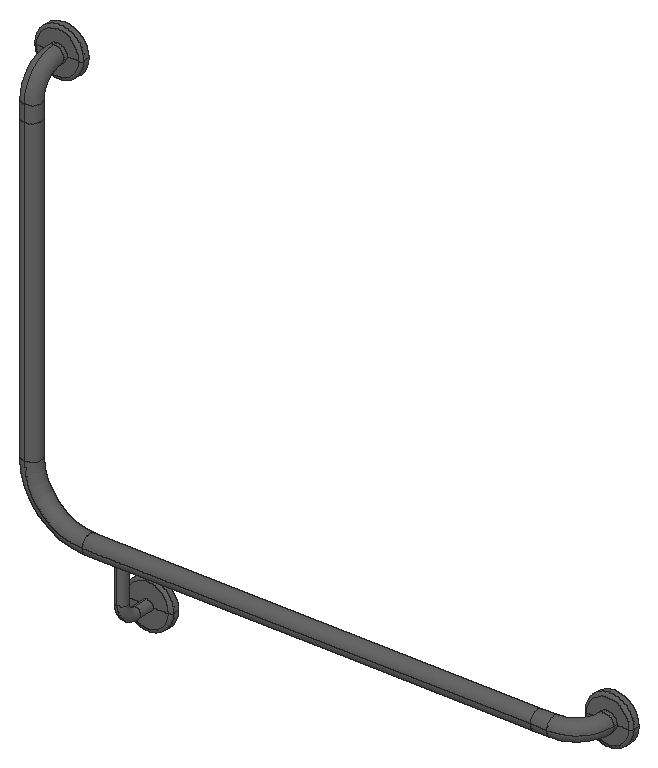
Revit family "RBA4095-911", category Plumbing Fixtures, Revit 2021
Family settings
  Round Connector Dimension = Use Diameter
  Part Type = Normal
  Work Plane-Based = No
  Always vertical = Yes
  Cut with Voids When Loaded = No
  Shared = No
  Room Calculation Point = No
Parameters (values of type "RBA4095-911")
  Watermarked By = "www.rba.com.au"
  URL = "www.rba.com.au"
  R_Void [instance] = 15.00 mm
  R [instance] = 0.00 mm
  Phone Number = ""
  Modified Issue = "20211007.01"
  Model = "RBA4095-911"
  Materials and Finishes = Stainless Steel Matte Black Finish
  Manufacturer Model = ""
  Manufacturer = "RBA Group"  # constant formula
  Description = "90° Angled Grab Rail, RH"
  Default Elevation = 0.00 mm
  Copyright by = "RBA Group"  # constant formula
  Assembly Code = ""
Reference planes
  plane 1 "Center (Front/Back)": y = 0
  plane 2: z = 0
  plane 3: x = 40.5
  plane 4: z = 670
  plane 5: z = 730
  plane 6: x = -879.5
  plane 7: x = -939.5
  plane 8: z = 700
  plane 9: z = -100
  plane 10: x = 40.5
  plane 11: z = 670
  plane 12: z = 730
  plane 13: x = -939.5
  plane 14: x = -879.5
  plane 15: z = -130
  plane 16: z = -70
  plane 17: x = -784.5
  plane 18: x = -724.5
  plane 19: z = -100
  plane 20: x = -909.5
  plane 21: x = -754.5
  plane 22: z = 700
  plane 23: z = -30
  plane 24: z = 30
  plane 25: x = 70.5
  plane 26: x = 10.5
  plane 27: z = -30
  plane 28: z = 30
  plane 29: x = 10.5
  plane 30: x = 70.5
  plane 31: x = -925.5
  plane 32: x = -893.5
  plane 33: z = 16
  plane 34: z = -16
  plane 35: y = -70
  plane 36: y = -86
  plane 37: y = -54
  plane 38: y = -79.5
  plane 39: y = -60.5
Forms (mm)
  Extrusion 1, solid, material "Stainless Steel Matte Black Finish" <- "Materials and Finishes"
    sketch origin (-909.5, -2.628, 1015.907) x (0, 0, -1) y (-1, 0, 0)
      loop
        circle (315.907, 0) r 40
    from -0.219 to 2.628
  Revolve 2, solid, material "Stainless Steel Matte Black Finish" <- "Materials and Finishes"
    sketch origin (40.5, 18.663, 0) x (0, -1, 0) y (1, 0, 0)
      loop
        line (18.663, 0) -> (18.663, -41.5) -> (27.844, -41.5)
        arc (27.844, -41.5) -> (31.337, -40.077) -> (32.842, -36.617) r 5
        line (32.842, -36.617) -> (33.701, 0) -> (18.663, 0)
      axis (18.663, 0) -> (33.701, 0)
    angle from 0 to 360
  Extrusion 3, void
    sketch origin (-909.5, 34.941, 1015.907) x (0, 0, -1) y (-1, 0, 0)
      loop
        circle (315.907, -30) r 5
      loop
        circle (315.907, 30) r 5
    from -37.788 to -30
  Extrusion 4, solid, material "Stainless Steel Matte Black Finish" <- "Materials and Finishes"
    sketch origin (-909.5, -2.628, 1015.907) x (0, 0, -1) y (-1, 0, 0)
      loop
        circle (315.907, 0) r 40
    from -0.219 to 2.628
  Extrusion 5, void
    sketch origin (-909.5, 34.941, 1015.907) x (0, 0, -1) y (-1, 0, 0)
      loop
        circle (315.907, 30) r 5
      loop
        circle (315.907, -30) r 5
    from -37.788 to -30
  Sweep 6, solid, material "Stainless Steel Matte Black Finish" <- "Materials and Finishes"
    path origin (40.5, 12.454, 0) x (0, -1, 0) y (1, 0, 0)
      loop
        line (12.454, 0) -> (34.454, 0)
        arc (34.454, 0) -> (68.395, -14.059) -> (82.454, -48) r 48
        line (82.454, -48) -> (82.454, -76)
    profile origin (40.5, -11, 0) x (1, 0, 0) y (0, 0, 1)
      loop
        circle (0, 0) r 16
  Extrusion 7, solid, material "Stainless Steel Matte Black Finish" <- "Materials and Finishes"
    sketch origin (-909.5, -2.628, 1015.907) x (0, 0, -1) y (-1, 0, 0)
      loop
        circle (315.907, 0) r 40
    from -0.219 to 2.628
  Sweep 8, solid, material "Stainless Steel Matte Black Finish" <- "Materials and Finishes"
    path origin (-1609.5, 12.454, 700) x (0, -1, 0) y (0, 0, -1)
      loop
        line (12.454, 0) -> (34.454, 0)
        arc (34.454, 0) -> (68.395, 14.059) -> (82.454, 48) r 48
        line (82.454, 48) -> (82.454, 76)
    profile origin (-1609.5, -11, 700) x (0, 0, -1) y (1, 0, 0)
      loop
        circle (0, 700) r 16
  Revolve 9, solid, material "Stainless Steel Matte Black Finish" <- "Materials and Finishes"
    sketch origin (-909.5, 18.663, 700) x (0, -1, 0) y (1, 0, 0)
      loop
        line (18.663, 0) -> (18.663, -41.5) -> (27.844, -41.5)
        arc (27.844, -41.5) -> (31.337, -40.077) -> (32.842, -36.617) r 5
        line (32.842, -36.617) -> (33.701, 0) -> (18.663, 0)
      axis (18.663, 0) -> (33.701, 0)
    angle from 0 to 360
  Sweep 10, solid, material "Stainless Steel Matte Black Finish" <- "Materials and Finishes"
    path origin (81, 0, 0) x (-1, 0, 0) y (0, 0, 1)
      loop
        line (116.5, 0) -> (890.5, 0)
        arc (890.5, 0) -> (961.211, 29.289) -> (990.5, 100) r 100
        line (990.5, 100) -> (990.5, 624)
    profile origin (-422.5, 0, 0) x (0, 0, -1) y (0, -1, 0)
      loop
        circle (0, 70) r 16
  Extrusion 11, solid, material "Stainless Steel Matte Black Finish" <- "Materials and Finishes"
    sketch origin (-754.5, -2.628, 215.907) x (0, 0, -1) y (-1, 0, 0)
      loop
        circle (315.907, 0) r 40
    from -0.219 to 2.628
  Revolve 12, solid, material "Stainless Steel Matte Black Finish" <- "Materials and Finishes"
    sketch origin (-754.5, 18.663, -100) x (0, -1, 0) y (1, 0, 0)
      loop
        line (18.663, 0) -> (33.701, 0) -> (32.842, 36.617)
        arc (32.842, 36.617) -> (31.337, 40.077) -> (27.844, 41.5) r 5
        line (27.844, 41.5) -> (18.663, 41.5) -> (18.663, 0)
      axis (18.663, 0) -> (33.701, 0)
    angle from 0 to 360
  Sweep 13, solid, material "Stainless Steel Matte Black Finish" <- "Materials and Finishes"
    path origin (-754.5, 12.454, -100) x (0, -1, 0) y (0, 0, 1)
      loop
        line (12.454, 0) -> (54.454, 0)
        arc (54.454, 0) -> (74.253, 8.201) -> (82.454, 28) r 28
        line (82.454, 28) -> (82.454, 100)
    profile origin (-754.5, -21, -100) x (0, 0, 1) y (-1, 0, 0)
      loop
        circle (0, 0) r 9.5
  Extrusion 14, void
    sketch origin (-754.5, 34.941, 215.907) x (0, 0, -1) y (-1, 0, 0)
      loop
        circle (315.907, 30) r 5
      loop
        circle (315.907, -30) r 5
    from -37.788 to -30
  Extrusion 15, solid, material "Stainless Steel Matte Black Finish" <- "Materials and Finishes"
    sketch origin (40.5, -2.628, 315.907) x (0, 0, -1) y (-1, 0, 0)
      loop
        circle (315.907, 0) r 40
    from -0.219 to 2.628
  Extrusion 16, void
    sketch origin (40.5, 34.941, 315.907) x (0, 0, -1) y (-1, 0, 0)
      loop
        circle (315.907, -30) r 5
      loop
        circle (315.907, 30) r 5
    from -37.788 to -34.941
  Extrusion 17, solid, material "Stainless Steel Matte Black Finish" <- "Materials and Finishes"
    sketch origin (40.5, -2.628, 315.907) x (0, 0, -1) y (-1, 0, 0)
      loop
        circle (315.907, 0) r 40
    from -0.219 to 2.628
  Extrusion 18, void
    sketch origin (40.5, 34.941, 315.907) x (0, 0, -1) y (-1, 0, 0)
      loop
        circle (315.907, 30) r 5
      loop
        circle (315.907, -30) r 5
    from -37.788 to -34.941
  Extrusion 19, solid, material "Stainless Steel Matte Black Finish" <- "Materials and Finishes"
    sketch origin (40.5, -2.628, 315.907) x (0, 0, -1) y (-1, 0, 0)
      loop
        circle (315.907, 0) r 40
    from -0.219 to 2.628
Cuts and joins
  Extrusion 3, Extrusion 5, Extrusion 16, Extrusion 18 cuts Extrusion 1
  Extrusion 5, Extrusion 16, Extrusion 18 cuts Extrusion 4
  Extrusion 3, Extrusion 5, Extrusion 18 cuts Revolve 2
  Extrusion 5, Extrusion 16 cuts Revolve 9
  Extrusion 14 cuts Revolve 12
  joined: Revolve 2, Sweep 6, Sweep 8, Revolve 9, Sweep 10, Revolve 12, Sweep 13
  Extrusion 14 cuts Extrusion 11
  Extrusion 5, Extrusion 16 cuts Extrusion 7
  Extrusion 16 cuts Extrusion 15
  Extrusion 16 cuts Extrusion 17
  Extrusion 16, Extrusion 18 cuts Extrusion 19
Dimensions and locks
  Revolve 2 sketch curve to Revolve 2 sketch curve = 41.50 mm
  plane 5 to plane 4 to level = 60.00 mm, 670.00 mm
  plane 7 to plane 6 = 60.00 mm
  plane 12 to plane 11 = 60.00 mm
  plane 13 to plane 14 = 60.00 mm
  Revolve 9 sketch curve to Revolve 9 sketch curve = 41.50 mm
  Revolve 12 sketch curve to Revolve 12 sketch curve = 41.50 mm
  plane 16 to plane 15 = 60.00 mm
  plane 17 to plane 18 = 60.00 mm
  plane 22 to plane 2 = 700.00 mm
  plane 10 to plane 20 = 950.00 mm
  plane 21 to plane 20 = 155.00 mm
  plane 2 to plane 19 = 100.00 mm
  plane 24 to plane 23 = 60.00 mm
  plane 26 to plane 25 = 60.00 mm
  plane 28 to plane 27 = 60.00 mm
  plane 29 to plane 30 = 60.00 mm
  radius of Extrusion 1 sketch curve = 40.00 mm
  radius of Extrusion 4 sketch curve = 40.00 mm
  radius of Sweep 6 sketch curve = 16.00 mm
  radius of Extrusion 7 sketch curve = 40.00 mm
  radius of Sweep 8 sketch curve = 16.00 mm
  radius of Extrusion 11 sketch curve = 40.00 mm
  radius of Sweep 13 sketch curve = 9.50 mm
  radius of Extrusion 15 sketch curve = 40.00 mm
  radius of Extrusion 17 sketch curve = 40.00 mm
  radius of Extrusion 19 sketch curve = 40.00 mm
  aligned and locked: Extrusion 1 to Revolve 2
  aligned and locked: Revolve 12 to Extrusion 11
